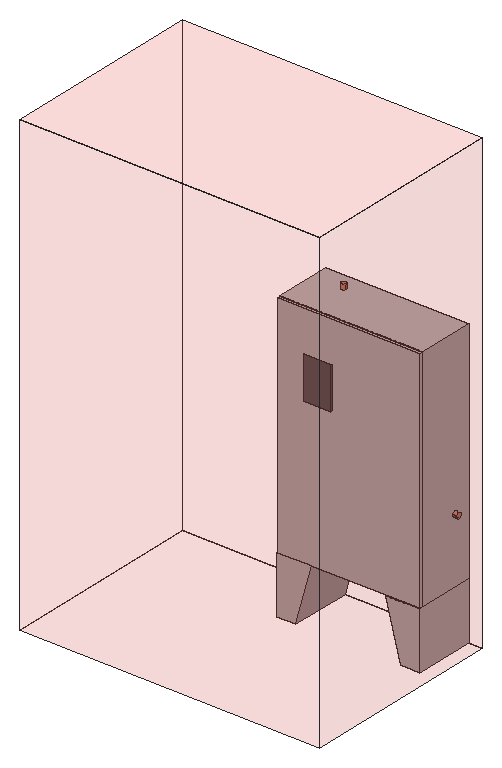
Revit family "Tankless_Water_Heater-Keltech-CNA_Series", category Plumbing Fixtures, Revit 2012
Parameters (values of type "CNA-1083/480D")
  Width = 30.000"
  Wattage = 108000 W
  Warranty Information = "One Year"
  Voltage = 480 V
  Version = "1.0"
  URL = "http://www.bradleycorp.com/keltech"
  Technical Data = "n/a"
  Specifications URL = "http://www.keltech-inc.com/tankless-water-heaters/large-industrial"
  Product Tech Data URL - Spanish = ""
  Product Tech Data URL - French = ""
  Product Tech Data URL - English = "http://www.keltech-inc.com/tankless-water-heaters/large-industrial"
  Power Factor = 0
  Pipe Material = Metal - Bradley Corp - Copper
  Phase = 3
  PTFE Coating TE2 = no
  Outlet Right Inset = 23.500"  # constant formula
  Negative 30 Freeze Protection ENHT30 [instance] = no
  Negative 20 Freeze Protection ENHT [instance] = no
  NEMA 4X N4X [instance] = no
  NEMA 4 N4 [instance] = not(NEMA 4X N4X)  # yes
  Model = "CNA-1083/480D"
  MasterFormat Title = "Instantaneous Electric Domestic Water Heaters"
  MasterFormat Number = "22.45.26"
  Manufacturer = "Keltech Inc. a Subsidiary of Bradley Corp"
  Inlet Top Inset = 34.000"
  Industry Standards = "CSA"
  Hot Water Outlet Radius = Hot Water Outlet Diameter / 2  # 0.500"
  Number of Poles = 1
  Length = 60.000"
  Clearance Space [instance] = yes
  Cabinet Height = 48.000"
  CTRL Width = if(Width < 24.000", 24.000", Width)  # 30.000"
  CTRL Inlet Top Inset = if(Inlet Top Inset > Length, (Length - 0.500"), Inlet Top Inset)  # 34.000"
  Hot Water Outlet Diameter = 1"
  Hot Water Connector Description = "Hot Water"  # constant formula
  Ground Fault GF [instance] = no
  Fuse Disconnect FDS [instance] = no
  Fire Rating = "n/a"
  Explosion Proof EXP2 [instance] = no
  Description = "Three Phase 108 kW, 480V"
  Copyright = "This Model Data is Property of Bradley Corporation"
  Complies to NAFTA = "n/a"
  Cold Water Inlet Radius = Cold Water Inlet / 2  # 0.500"
  Inlet Back Offset = 3.800"
  Housing Material = Metal - Bradley Corp - Grey - Painted
  Electrical Connector Top Inset = 22.000"
  Electrical Connector Right Inset = 3.000"
  Electrical Connector Description = "Power"  # constant formula
  Depth = 12.692"
  Current = 132 A
  Cold Water Inlet = 1"
  Cold Water Connector Description = "Cold Water"  # constant formula
  CTRL Cabinet Height = if(Cabinet Height > (Length - 0.500"), (Length - 0.500"), if(Cabinet Height < 18.000", 18.000", Cabinet Height))  # 48.000"
  CTRL Offset [instance] = 0.000"  # constant formula
  Buy American Act = "To Be Determined"
  Assembly Code = "D2020200"
  Apparent Load = 0 VA
  Actual Heating Water Flow = 0 GPM
  Actual Chilled Water Flow = 0 GPM
  ASME Heat Exchanager HLW [instance] = no
Reference planes (in)
  plane 1 "Center (Front/Back)": y = 0
  plane 2 "Original Bottom": z = 0
  plane 3 "Center (Left/Right)": x = 0
  plane 4 "Left": x = -15
  plane 5 "Right": x = 15
  plane 6 "Back": y = 6.346
  plane 7 "Front": y = -6.346
  plane 8 "Bottom": z = 0
  plane 9 "Top": z = 60
  plane 10 "Bottom of Basse": z = 12
  plane 11 "Right of Top of Left Leg": x = -7.785
  plane 12 "Right of Base of Left Leg": x = -11
  plane 13 "Left of Top of Right Leg": x = 7.785
  plane 14 "Left of Base of Right Leg": x = 11
  plane 15 "Back of Door": y = -5.582
  plane 16 "Outlet Front / Back": y = 2.951
  plane 17 "Outlet Left / Right": x = -8.5
  plane 18 "Inlet Top Bottom": z = 26
  plane 19 "Inlet Front Back": y = 2.546
  plane 20 "Electrical Connector Left Right": x = 12
  plane 21 "Electrical Connector Top Bottom": z = 38
  plane 22 "Clearance Left": x = -45
  plane 23 "Clearance Right": x = 18
  plane 24 "Clearance Front": y = -36.346
  plane 25 "Clearance Top": z = 96
  plane 26 "Top of Control Panel": z = 51.375
  plane 27 "Bottom of Control Panel": z = 42.625
  plane 28 "Right of Control Panel": x = -3.625
  plane 29 "Left of Control Panel": x = -9.375
  plane 30 "Front of Control Panel": y = -6.471
  plane 31 "C.O. Emergency Stop - Horizontal": z = 38.5
  plane 32 "C.O. Emergency Stop - Vertical": x = -6.5
  plane 33 "C.O. Optional Fuse Disconnect - Horizontal": z = 28.25
  plane 34 "C.O. Optional Fuse Disconnect - Vertical": x = 1.125
Forms (in)
  Extrusion 1, solid, material "Metal - Bradley Corp - Grey - Painted", visible <- "NEMA 4 N4"
    sketch origin (0, 0, 0) x (1, 0, 0) y (0, 0, 1)
      loop
        line (-15, 0) -> (-11, 0) -> (-7.785, 12) -> (-15, 12) -> (-15, 0)
      loop
        line (15, 0) -> (15, 12) -> (7.785, 12) -> (11, 0) -> (15, 0)
    from -6.346 to 6.346
  Sweep 2, solid, material "Metal - Bradley Corp - Grey - Painted", visible <- "NEMA 4 N4", detail levels fine
    path origin (0, 0, 0) x (1, 0, 0) y (0, 0, 1)
      loop
        line (0, 59.90554) -> (0, 12.09)
    profile origin (0, 0, 35.99777) x (0, -1, 0) y (1, 0, 0)
      loop
        line (6.346, 14.91) -> (5.582, 14.91) -> (5.582, -14.91) -> (6.346, -14.91) -> (6.346, 14.91)
  Sweep 3, solid, material "Metal - Bradley Corp - Grey - Painted", visible <- "NEMA 4 N4", detail levels fine
    path origin (0, 0, 0) x (1, 0, 0) y (0, 0, 1)
      loop
        line (0, 60) -> (0, 12)
    profile origin (0, 0, 36) x (0, -1, 0) y (1, 0, 0)
      loop
        line (-6.346, 15) -> (-6.346, -15) -> (5.582, -15) -> (5.582, 15) -> (-6.346, 15)
  Extrusion 4, solid, material "Metal - Bradley Corp - Copper" <- "Pipe Material", detail levels fine
    sketch origin (0, 0, 0) x (1, 0, 0) y (0, 1, 0)
      loop
        circle (-8.5, 2.951) r 0.5
    from 60 to 60.93976
  Extrusion 5, solid, material "Metal - Bradley Corp - Copper" <- "Pipe Material", detail levels fine
    sketch origin (0, 0, 0) x (0, 1, 0) y (0, 0, 1)
      loop
        circle (2.546, 26) r 0.5
    from 15 to 16.03054
  Extrusion 6, solid, material "Metal - Bradley Corp - Copper" <- "Pipe Material", not visible
    sketch origin (0, 0, 0) x (1, 0, 0) y (0, 0, 1)
      loop
        circle (12, 38) r 0.5
    from -6.346 to -5.70866
  Sweep 7, solid, material "Metal - Bradley Corp - Stainless Steel-Satin", visible <- "NEMA 4X N4X"
    path origin (0, 0, 0) x (1, 0, 0) y (0, 1, 0)
      loop
        line (0, 6.346) -> (0, -6.346)
    profile origin (0, 0, 0) x (1, 0, 0) y (0, 0, 1)
      loop
        line (7.785, 12) -> (11, 0) -> (15, 0) -> (15, 12) -> (7.785, 12)
      loop
        line (-11, 0) -> (-7.785, 12) -> (-15, 12) -> (-15, 0) -> (-11, 0)
  Sweep 8, solid, material "Metal - Bradley Corp - Stainless Steel-Satin", visible <- "NEMA 4 N4", detail levels coarse+medium
    path origin (0, 0, 0) x (1, 0, 0) y (0, 1, 0)
      loop
        line (0, 6.346) -> (0, -6.346)
    profile origin (0, 0, 0) x (1, 0, 0) y (0, 0, 1)
      loop
        line (15, 60) -> (-15, 60) -> (-15, 12) -> (15, 12) -> (15, 60)
  Sweep 9, solid, material "Metal - Bradley Corp - Stainless Steel-Satin", visible <- "NEMA 4X N4X", detail levels fine
    path origin (0, 0, 0) x (1, 0, 0) y (0, 1, 0)
      loop
        line (0, 6.346) -> (0, -5.582)
    profile origin (0, 0.382, 0) x (1, 0, 0) y (0, 0, 1)
      loop
        line (15, 60) -> (-15, 60) -> (-15, 12) -> (15, 12) -> (15, 60)
  Sweep 10, solid, material "Metal - Bradley Corp - Stainless Steel-Satin", visible <- "NEMA 4X N4X", detail levels fine
    path origin (0, 0, 0) x (0, 1, 0) y (0, 0, 1)
      loop
        line (-5.582, 59.90554) -> (-5.582, 12.09)
    profile origin (0, -5.582, 35.99777) x (1, 0, 0) y (0, 1, 0)
      loop
        line (14.91, 0) -> (-14.91, 0) -> (-14.91, -0.764) -> (14.91, -0.764) -> (14.91, 0)
  Extrusion 11, solid, material "Clearance Space", visible <- "Clearance Space"
    sketch origin (0, 0, 0) x (1, 0, 0) y (0, 1, 0)
      loop
        line (18, 6.346) -> (-45, 6.346) -> (-45, -36.346) -> (18, -36.346) -> (18, 6.346)
    from 0 to 96
  Extrusion 12, solid, material "Plastic - Bradley Corp - Black", detail levels fine
    sketch origin (0, -6.346, 0) x (-1, 0, 0) y (0, 0, -1)
      loop
        line (3.625, -51.375) -> (9.375, -51.375) -> (9.375, -42.625) -> (3.625, -42.625) -> (3.625, -51.375)
    from 0 to 0.125
  Extrusion 13, solid, material "Metal - Bradley Corp - Stainless Steel-Satin", visible <- "NEMA 4X N4X", detail levels coarse+medium
    sketch origin (0, 0, 0) x (1, 0, 0) y (0, 1, 0)
      loop
        line (15, 6.346) -> (-15, 6.346) -> (-15, -6.346) -> (15, -6.346) -> (15, 6.346)
    from 12 to 60
  Extrusion 14, solid, material "Red-Bradley_Corp-Steel", visible <- "Fuse Disconnect FDS"
    sketch origin (0, -6.346, 0) x (-1, 0, 0) y (0, 0, -1)
      loop
        line (-0.375, -23.5) -> (-1.875, -23.5) -> (-1.875, -25.55)
        arc (-1.875, -25.55) -> (-2.02414, -26.7699) -> (-2.46276, -27.91795) r 5.0638
        arc (-2.46276, -27.91795) -> (-1.125, -29.62836) -> (0.21276, -27.91795) r 1.37836
        arc (0.21276, -27.91795) -> (-0.22586, -26.7699) -> (-0.375, -25.55) r 5.0638
        line (-0.375, -25.55) -> (-0.375, -23.5)
    from 0 to 1.25
Lines and regions (in)
  Masking region 1
    outline origin (0, 0, 26) x (-1, 0, 0) y (0, -1, 0)
      loop
        line (-15, -6.346) -> (15, -6.346) -> (15, 6.346) -> (-15, 6.346) -> (-15, -6.346)
  Masking region 2, detail levels fine
    outline origin (0, 0, 60) x (-1, 0, 0) y (0, -1, 0)
      loop
        line (-16.03054, -3.046) -> (-15, -3.046) -> (-15, -2.046) -> (-16.03054, -2.046) -> (-16.03054, -3.046)
  Masking region 3
    outline origin (0, 0, 0) x (1, 0, 0) y (0, 0, 1)
      loop
        line (-15, 60) -> (-15, 0) -> (-11, 0) -> (-7.785, 12) -> (7.785, 12) -> (11, 0) -> (15, 0) -> (15, 60) -> (-15, 60)
  Masking region 4, detail levels fine
    outline origin (0, 0, 0) x (1, 0, 0) y (0, 0, 1)
      loop
        line (-8, 60.93976) -> (-9, 60.93976) -> (-9, 60) -> (-8, 60) -> (-8, 60.93976)
      loop
        line (16.03054, 26.5) -> (15, 26.5) -> (15, 25.5) -> (16.03054, 25.5) -> (16.03054, 26.5)
  Masking region 5
    outline origin (0, 0, 0) x (0, 1, 0) y (0, 0, 1)
      loop
        line (6.346, 60) -> (-6.346, 60) -> (-6.346, 0) -> (6.346, 0) -> (6.346, 60)
  Masking region 6, detail levels fine
    outline origin (0, 0, 0) x (0, 1, 0) y (0, 0, 1)
      loop
        line (3.046, 60.93976) -> (2.046, 60.93976) -> (2.046, 60) -> (3.046, 60) -> (3.046, 60.93976)
  Masking region 7, detail levels medium+fine
    outline origin (0, -6.346, 0) x (-1, 0, 0) y (0, 0, 1)
      loop
        circle (6.5, 38.5) r 1.75
  Masking region 8, visible <- "Fuse Disconnect FDS", detail levels medium+fine
    outline origin (0, -6.346, 0) x (-1, 0, 0) y (0, 0, 1)
      loop
        line (-1.875, 23.5) -> (-0.375, 23.5) -> (-0.375, 25.55)
        arc (-0.375, 25.55) -> (-0.22586, 26.7699) -> (0.21276, 27.91795) r 5.0638
        arc (0.21276, 27.91795) -> (-1.125, 29.62836) -> (-2.46276, 27.91795) r 1.37836
        arc (-2.46276, 27.91795) -> (-2.02414, 26.7699) -> (-1.875, 25.55) r 5.0638
        line (-1.875, 25.55) -> (-1.875, 23.5)
  symbolic lines, style "Water Heater", detail levels fine
    curve 1: circle (-8.5, 2.546, 60) r 0.5 normal (0, 0, 1)
    curve 2: line (-14.91, -6.346, 60) -> (-14.91, -5.582, 60)
    curve 3: line (-14.91, -5.582, 60) -> (14.91, -5.582, 60)
    curve 4: line (14.91, -5.582, 60) -> (14.91, -6.346, 60)
    curve 5: line (14.91, -6.346, 59.90554) -> (-14.91, -6.346, 59.90554)
    curve 6: line (14.91, -6.346, 12.09) -> (14.91, -6.346, 59.90554)
    curve 7: line (-14.91, -6.346, 12.09) -> (14.91, -6.346, 12.09)
    curve 8: line (-14.91, -6.346, 59.90554) -> (-14.91, -6.346, 12.09)
    curve 9: line (-3.625, -6.346, 51.375) -> (-9.375, -6.346, 51.375)
    curve 10: line (-3.625, -6.346, 42.625) -> (-3.625, -6.346, 51.375)
    curve 11: line (-9.375, -6.346, 42.625) -> (-3.625, -6.346, 42.625)
    curve 12: line (-9.375, -6.346, 51.375) -> (-9.375, -6.346, 42.625)
    curve 13: circle (15, 2.546, 26) r 0.5 normal (1, 0, 0)
    curve 14: line (15, -5.582, 12) -> (15, 6.346, 12)
    curve 15: line (15, -5.582, 59.90554) -> (15, -5.582, 12)
    curve 16: line (15, -6.346, 12.09) -> (15, -5.582, 12.09)
    curve 17: line (15, -6.346, 59.90554) -> (15, -5.582, 59.90554)
  symbolic lines, style "Clearance Space", visible <- "Clearance Space"
    curve 18: line (18, 6.346, 0) -> (-45, 6.346, 0)
    curve 19: line (18, -36.346, 0) -> (18, 6.346, 0)
    curve 20: line (-45, -36.346, 0) -> (18, -36.346, 0)
    curve 21: line (-45, 6.346, 0) -> (-45, -36.346, 0)
    curve 22: line (18, -6.346, 96) -> (-45, -6.346, 96)
    curve 23: line (18, -6.346, 0) -> (18, -6.346, 96)
    curve 24: line (-45, -6.346, 0) -> (18, -6.346, 0)
    curve 25: line (-45, -6.346, 96) -> (-45, -6.346, 0)
    curve 26: line (0, 6.346, 96) -> (0, -36.346, 96)
    curve 27: line (0, 6.346, 0) -> (0, 6.346, 96)
    curve 28: line (0, -36.346, 0) -> (0, 6.346, 0)
    curve 29: line (0, -36.346, 96) -> (0, -36.346, 0)
  reference lines
    curve 30: line (-15, -5.582, 0) -> (-44.9786, -6.71502, 0)
  symbolic lines, style "Water Heater"
    curve 31: line (-15, -5.582, 0) -> (-44.9786, -6.71502, 0)
    curve 32: arc (-44.9786, -6.71502, 0) -> (-14.43339, -35.57665, 0) -> (15, -5.582, 0) r 30
    curve 33: line (-15, -5.582, 0) -> (15, -5.582, 0)
  model lines, style "Water Heater", detail levels coarse+medium
    curve 34: line (-8.5, 2.951, 60.93976) -> (-8.5, 2.951, 60)
    curve 35: line (15, 2.546, 26) -> (16.03054, 2.546, 26)
  model lines
    curve 36: circle (-6.5, -6.346, 38.5) r 1.75 normal (0, -1, 0)
  model lines, detail levels medium+fine
    curve 37: circle (1.125, -6.346, 28.25) r 1.5 normal (0, -1, 0)
  symbolic lines, detail levels medium+fine
    curve 38: circle (1.125, -6.346, 28.25) r 1.5 normal (0, -1, 0)
Dimensions and locks (in)
  "CTRL Offset": plane 8 "Bottom" to plane 2 "Original Bottom"
  "Length": plane 9 "Top" to plane 8 "Bottom"
  "CTRL Cabinet Height": plane 9 "Top" to plane 10 "Bottom of Basse"
  locked: plane 11 "Right of Top of Left Leg" to plane 4 "Left" at 7.215
  locked: plane 12 "Right of Base of Left Leg" to plane 4 "Left" at 4
  equal spacing: plane 6 "Back", plane 1 "Center (Front/Back)", plane 7 "Front"
  equal spacing: plane 4 "Left", plane 3 "Center (Left/Right)", plane 5 "Right"
  "CTRL Width": plane 4 "Left" to plane 5 "Right"
  "Depth": plane 6 "Back" to plane 7 "Front"
  locked: plane 14 "Left of Base of Right Leg" to plane 5 "Right" at 4
  locked: plane 13 "Left of Top of Right Leg" to plane 5 "Right" at 7.215
  locked: plane 7 "Front" to plane 15 "Back of Door" at 0.764
  locked: plane 4 "Left" to Sweep 2 sketch curve at 0.09
  locked: Sweep 2 sketch curve to plane 5 "Right" at 0.09
  locked: Sweep 2 sketch curve to plane 10 "Bottom of Basse" at 0.09
  locked: plane 9 "Top" to Sweep 2 sketch curve at 0.09446
  locked: plane 6 "Back" to plane 16 "Outlet Front / Back" at 3.395
  "Outlet Right Inset": plane 17 "Outlet Left / Right" to plane 5 "Right"
  locked: Extrusion 4 to plane 9 "Top" at 0.93976
  "CTRL Inlet Top Inset": plane 9 "Top" to plane 18 "Inlet Top Bottom"
  "Inlet Back Offset": plane 6 "Back" to plane 19 "Inlet Front Back"
  locked: plane 5 "Right" to Extrusion 5 at 1.03054  (x2)
  "Electrical Connector Right Inset": plane 20 "Electrical Connector Left Right" to plane 5 "Right"
  "Electrical Connector Top Inset": plane 9 "Top" to plane 21 "Electrical Connector Top Bottom"
  locked: Extrusion 6 to plane 6 "Back" at 0.63734
  locked: plane 9 "Top" to Sweep 10 sketch curve at 0.09446
  locked: Sweep 10 sketch curve to plane 10 "Bottom of Basse" at 0.09
  locked: Sweep 10 sketch curve to plane 5 "Right" at 0.09
  locked: plane 4 "Left" to Sweep 10 sketch curve at 0.09
  locked: plane 5 "Right" to Masking region 2 sketch curve at 1.03054
  equal spacing: Masking region 2 sketch curve, plane 19 "Inlet Front Back", Masking region 2 sketch curve
  "Cold Water Inlet Radius": Masking region 2 sketch curve to plane 19 "Inlet Front Back"
  locked: Sweep 10 to plane 5 "Right" at 0.09
  locked: plane 4 "Left" to Sweep 10 at 0.09  (x2)
  locked: Masking region 4 sketch curve to plane 9 "Top" at 0.93976
  locked: Masking region 4 sketch curve to plane 5 "Right" at 1.03054
  equal spacing: Masking region 4 sketch curve, plane 18 "Inlet Top Bottom", Masking region 4 sketch curve
  equal spacing: Masking region 4 sketch curve, plane 17 "Outlet Left / Right", Masking region 4 sketch curve
  "Hot Water Outlet Radius": plane 17 "Outlet Left / Right" to Masking region 4 sketch curve
  "Cold Water Inlet Radius": plane 18 "Inlet Top Bottom" to Masking region 4 sketch curve
  locked: plane 9 "Top" to Sweep 10 at 0.09446
  locked: plane 5 "Right" to Sweep 10 at 0.09
  locked: Sweep 10 to plane 10 "Bottom of Basse" at 0.09
  locked: Masking region 6 sketch curve to plane 9 "Top" at 0.93976
  equal spacing: Masking region 6 sketch curve, plane 19 "Inlet Front Back", Masking region 6 sketch curve
  "Hot Water Outlet Radius": plane 19 "Inlet Front Back" to Masking region 6 sketch curve
  locked: Sweep 10 to plane 9 "Top" at 0.09446
  locked: plane 10 "Bottom of Basse" to Sweep 10 at 0.09
  "CTRL Width": plane 24 "Clearance Front" to plane 7 "Front"
  "CTRL Width": plane 22 "Clearance Left" to plane 4 "Left"
  locked: plane 5 "Right" to plane 23 "Clearance Right" at 3
  curve 22 to plane 9 "Top" = 36.000"
  "CTRL Width": curve 30 to curve 30
  "CTRL Width": curve 31 to curve 31
  locked: plane 26 "Top of Control Panel" to plane 27 "Bottom of Control Panel" at 8.75
  locked: plane 9 "Top" to plane 26 "Top of Control Panel" at 8.625
  locked: plane 30 "Front of Control Panel" to plane 7 "Front" at 0.125
  locked: plane 28 "Right of Control Panel" to plane 29 "Left of Control Panel" at 5.75
  locked: plane 29 "Left of Control Panel" to plane 4 "Left" at 5.625
  locked: plane 9 "Top" to plane 31 "C.O. Emergency Stop - Horizontal" at 21.5
  locked: plane 34 "C.O. Optional Fuse Disconnect - Vertical" to plane 28 "Right of Control Panel" at 4.75
  locked: plane 27 "Bottom of Control Panel" to plane 33 "C.O. Optional Fuse Disconnect - Horizontal" at 14.375
  "Cold Water Inlet Radius": radius of Extrusion 5 sketch curve
  "Hot Water Outlet Radius": radius of Extrusion 4 sketch curve
  "Hot Water Outlet Radius": radius of curve 1
  "Cold Water Inlet Radius": radius of curve 13
  "CTRL Width": radius of curve 32
  aligned and locked: level to plane 2 "Original Bottom"
  aligned and locked: Extrusion 1 sketch curve to plane 4 "Left"
  aligned and locked: plane 10 "Bottom of Basse" to Extrusion 1 sketch curve
  aligned and locked: plane 11 "Right of Top of Left Leg" to Extrusion 1 sketch curve
  aligned and locked: plane 12 "Right of Base of Left Leg" to Extrusion 1 sketch curve
  aligned and locked: plane 8 "Bottom" to Extrusion 1 sketch curve  (x3)
  aligned and locked: Extrusion 1 sketch curve to plane 8 "Bottom"
  aligned and locked: plane 14 "Left of Base of Right Leg" to Extrusion 1 sketch curve
  aligned and locked: plane 13 "Left of Top of Right Leg" to Extrusion 1 sketch curve
  aligned and locked: Extrusion 1 sketch curve to plane 10 "Bottom of Basse"
  aligned and locked: plane 5 "Right" to Extrusion 1 sketch curve
  aligned and locked: plane 6 "Back" to Extrusion 1
  aligned and locked: plane 7 "Front" to Extrusion 1
  aligned and locked: Sweep 2 sketch curve to plane 3 "Center (Left/Right)"
  aligned and locked: plane 15 "Back of Door" to Sweep 2 sketch curve
  aligned and locked: Sweep 2 sketch curve to plane 7 "Front"
  aligned and locked: plane 10 "Bottom of Basse" to Sweep 3 sketch curve
  aligned and locked: plane 9 "Top" to Sweep 3 sketch curve
  aligned and locked: Sweep 3 sketch curve to plane 3 "Center (Left/Right)"
  aligned and locked: plane 15 "Back of Door" to Sweep 3 sketch curve
  aligned and locked: Sweep 3 sketch curve to plane 5 "Right"
  aligned and locked: Sweep 3 sketch curve to plane 4 "Left"
  aligned and locked: plane 6 "Back" to Sweep 3 sketch curve
  aligned and locked: plane 17 "Outlet Left / Right" to Extrusion 4 sketch curve
  aligned and locked: plane 16 "Outlet Front / Back" to Extrusion 4 sketch curve
  aligned and locked: Extrusion 4 to plane 9 "Top"
  aligned and locked: plane 19 "Inlet Front Back" to Extrusion 5 sketch curve
  aligned and locked: plane 18 "Inlet Top Bottom" to Extrusion 5 sketch curve
  aligned and locked: plane 5 "Right" to Extrusion 5
  aligned and locked: plane 20 "Electrical Connector Left Right" to Extrusion 6 sketch curve
  aligned and locked: plane 21 "Electrical Connector Top Bottom" to Extrusion 6 sketch curve
  aligned and locked: plane 6 "Back" to Extrusion 6
  aligned and locked: plane 6 "Back" to Sweep 7 sketch curve
  aligned and locked: plane 7 "Front" to Sweep 7 sketch curve
  aligned and locked: Sweep 7 sketch curve to plane 3 "Center (Left/Right)"
  aligned and locked: plane 8 "Bottom" to Sweep 7 sketch curve
  aligned and locked: plane 12 "Right of Base of Left Leg" to Sweep 7 sketch curve
  aligned and locked: plane 11 "Right of Top of Left Leg" to Sweep 7 sketch curve
  aligned and locked: plane 10 "Bottom of Basse" to Sweep 7 sketch curve  (x3)
  aligned and locked: Sweep 7 sketch curve to plane 4 "Left"
  aligned and locked: Sweep 7 sketch curve to plane 8 "Bottom"  (x2)
  aligned and locked: Sweep 7 sketch curve to plane 5 "Right"
  aligned and locked: plane 6 "Back" to Sweep 8 sketch curve
  aligned and locked: plane 7 "Front" to Sweep 8 sketch curve
  aligned and locked: Sweep 8 sketch curve to plane 3 "Center (Left/Right)"
  aligned and locked: Sweep 8 sketch curve to plane 10 "Bottom of Basse"
  aligned and locked: plane 9 "Top" to Sweep 8 sketch curve
  aligned and locked: Sweep 8 sketch curve to plane 5 "Right"
  aligned and locked: Sweep 8 sketch curve to plane 4 "Left"
  aligned and locked: plane 15 "Back of Door" to Sweep 9 sketch curve
  aligned and locked: plane 6 "Back" to Sweep 9 sketch curve
  aligned and locked: Sweep 9 sketch curve to plane 3 "Center (Left/Right)"
  aligned and locked: Sweep 9 sketch curve to plane 10 "Bottom of Basse"
  aligned and locked: Sweep 9 sketch curve to plane 5 "Right"
  aligned and locked: plane 9 "Top" to Sweep 9 sketch curve
  aligned and locked: Sweep 9 sketch curve to plane 4 "Left"
  aligned and locked: plane 15 "Back of Door" to Sweep 10 sketch curve
  aligned and locked: plane 7 "Front" to Sweep 10 sketch curve
  aligned and locked: Sweep 10 sketch curve to plane 15 "Back of Door"
  aligned and locked: plane 6 "Back" to Masking region 1 sketch curve
  aligned and locked: Masking region 1 sketch curve to plane 5 "Right"
  aligned and locked: plane 7 "Front" to Masking region 1 sketch curve
  aligned and locked: Masking region 1 sketch curve to plane 4 "Left"
  aligned and locked: plane 5 "Right" to Masking region 2 sketch curve
  aligned and locked: plane 19 "Inlet Front Back" to curve 1
  aligned and locked: plane 17 "Outlet Left / Right" to curve 1
  aligned and locked: plane 7 "Front" to curve 4
  aligned and locked: plane 7 "Front" to curve 2
  aligned and locked: plane 15 "Back of Door" to curve 3
  aligned and locked: plane 8 "Bottom" to Masking region 3 sketch curve
  aligned and locked: plane 10 "Bottom of Basse" to Masking region 3 sketch curve
  aligned and locked: plane 13 "Left of Top of Right Leg" to Masking region 3 sketch curve
  aligned and locked: plane 14 "Left of Base of Right Leg" to Masking region 3 sketch curve
  aligned and locked: plane 12 "Right of Base of Left Leg" to Masking region 3 sketch curve
  aligned and locked: plane 11 "Right of Top of Left Leg" to Masking region 3 sketch curve
  aligned and locked: Masking region 3 sketch curve to plane 8 "Bottom"
  aligned and locked: Masking region 3 sketch curve to plane 5 "Right"
  aligned and locked: Masking region 3 sketch curve to plane 10 "Bottom of Basse"
  aligned and locked: Masking region 3 sketch curve to plane 4 "Left"
  aligned and locked: plane 9 "Top" to Masking region 3 sketch curve
  aligned and locked: plane 5 "Right" to Masking region 4 sketch curve
  aligned and locked: Masking region 4 sketch curve to plane 9 "Top"
  aligned and locked: Masking region 5 sketch curve to plane 8 "Bottom"
  aligned and locked: Masking region 5 sketch curve to plane 9 "Top"
  aligned and locked: plane 6 "Back" to Masking region 5 sketch curve
  aligned and locked: plane 7 "Front" to Masking region 5 sketch curve
  aligned and locked: Masking region 6 sketch curve to plane 9 "Top"
  aligned and locked: plane 19 "Inlet Front Back" to curve 13
  aligned and locked: plane 18 "Inlet Top Bottom" to curve 13
  aligned and locked: plane 15 "Back of Door" to Sweep 9
  aligned and locked: Sweep 9 to plane 10 "Bottom of Basse"
  aligned and locked: plane 6 "Back" to Extrusion 11 sketch curve
  aligned and locked: Extrusion 11 sketch curve to plane 22 "Clearance Left"
  aligned and locked: plane 24 "Clearance Front" to Extrusion 11 sketch curve
  aligned and locked: Extrusion 11 sketch curve to plane 23 "Clearance Right"
  aligned and locked: plane 6 "Back" to curve 18
  aligned and locked: curve 19 to plane 23 "Clearance Right"
  aligned and locked: plane 24 "Clearance Front" to curve 20
  aligned and locked: curve 21 to plane 22 "Clearance Left"
  aligned and locked: plane 25 "Clearance Top" to Extrusion 11
  aligned and locked: Extrusion 11 to plane 8 "Bottom"
  aligned and locked: curve 23 to plane 23 "Clearance Right"
  aligned and locked: curve 24 to plane 8 "Bottom"
  aligned and locked: curve 25 to plane 22 "Clearance Left"
  aligned and locked: Extrusion 11 to plane 22 "Clearance Left"
  aligned and locked: curve 28 to plane 8 "Bottom"
  aligned and locked: plane 6 "Back" to curve 27
  aligned and locked: curve 26 to plane 25 "Clearance Top"
  aligned and locked: plane 24 "Clearance Front" to curve 29
  aligned and locked: plane 4 "Left" to curve 30
  aligned and locked: plane 15 "Back of Door" to curve 30
  aligned and locked: curve 31 to curve 30
  aligned and locked: plane 15 "Back of Door" to curve 32
  aligned and locked: plane 4 "Left" to curve 32
  aligned and locked: plane 26 "Top of Control Panel" to curve 9
  aligned and locked: curve 11 to plane 27 "Bottom of Control Panel"
  aligned and locked: curve 12 to plane 29 "Left of Control Panel"
  aligned and locked: plane 28 "Right of Control Panel" to curve 10
  aligned and locked: plane 28 "Right of Control Panel" to Extrusion 12 sketch curve
  aligned and locked: Extrusion 12 sketch curve to plane 27 "Bottom of Control Panel"
  aligned and locked: Extrusion 12 sketch curve to plane 29 "Left of Control Panel"
  aligned and locked: plane 26 "Top of Control Panel" to Extrusion 12 sketch curve
  aligned and locked: Extrusion 12 to plane 7 "Front"
  aligned and locked: plane 30 "Front of Control Panel" to Extrusion 12
  aligned and locked: plane 5 "Right" to curve 35
  aligned and locked: Extrusion 5 to curve 35
  aligned and locked: curve 35 to plane 18 "Inlet Top Bottom"
  aligned and locked: plane 9 "Top" to curve 34
  aligned and locked: curve 34 to plane 17 "Outlet Left / Right"
  aligned and locked: Extrusion 4 to curve 34
  aligned and locked: plane 7 "Front" to Extrusion 13 sketch curve
  aligned and locked: Extrusion 13 sketch curve to plane 5 "Right"
  aligned and locked: plane 6 "Back" to Extrusion 13 sketch curve
  aligned and locked: Extrusion 13 sketch curve to plane 4 "Left"
  aligned: plane 25 "Clearance Top" to Extrusion 13
  aligned and locked: Extrusion 13 to plane 10 "Bottom of Basse"
  aligned and locked: plane 9 "Top" to Extrusion 13
  aligned and locked: plane 13 "Left of Top of Right Leg" to Sweep 7 sketch curve
  aligned and locked: plane 14 "Left of Base of Right Leg" to Sweep 7 sketch curve
  aligned and locked: Masking region 7 sketch curve to plane 31 "C.O. Emergency Stop - Horizontal"
  aligned and locked: Masking region 7 sketch curve to plane 32 "C.O. Emergency Stop - Vertical"
  aligned and locked: Masking region 8 sketch curve to plane 33 "C.O. Optional Fuse Disconnect - Horizontal"
  aligned and locked: Masking region 8 sketch curve to plane 34 "C.O. Optional Fuse Disconnect - Vertical"
  aligned and locked: plane 33 "C.O. Optional Fuse Disconnect - Horizontal" to Extrusion 14 sketch curve
  aligned and locked: plane 34 "C.O. Optional Fuse Disconnect - Vertical" to Extrusion 14 sketch curve
Automatic sketch dimensions
  plane 5 "Right" to curve 4 = 0.090"
  plane 4 "Left" to curve 3 = 0.090"
  curve 17 to plane 7 "Front" = 0.000"
  curve 16 to plane 7 "Front" = 0.000"
  curve 15 to plane 15 "Back of Door" = 0.000"
  curve 16 to plane 15 "Back of Door" = 0.000"
  curve 14 to plane 6 "Back" = 0.000"
  curve 15 to plane 10 "Bottom of Basse" = 0.000"
  curve 16 to plane 10 "Bottom of Basse" = 0.090"
  plane 9 "Top" to curve 17 = 0.09446"
  plane 7 "Front" to curve 30 = 0.36902"
  plane 20 "Electrical Connector Left Right" to Masking region 8 sketch curve = 5.0612"
  Masking region 8 sketch curve to Masking region 8 sketch curve = 1.33776"  (x2)
  Masking region 8 sketch curve to Masking region 8 sketch curve = 1.500"
  Masking region 8 sketch curve to plane 3 "Center (Left/Right)" = 4.6888"
  Masking region 8 sketch curve to plane 33 "C.O. Optional Fuse Disconnect - Horizontal" = 4.750"
  Masking region 8 sketch curve to Masking region 8 sketch curve = 2.050"
  Masking region 8 sketch curve to Masking region 8 sketch curve = 0.33205"
  curve 37 to curve 38 = 0.000"  (x2)
  curve 37 to plane 33 "C.O. Optional Fuse Disconnect - Horizontal" = 0.000"
  curve 37 to plane 34 "C.O. Optional Fuse Disconnect - Vertical" = 0.000"
  curve 36 to plane 31 "C.O. Emergency Stop - Horizontal" = 0.000"
  curve 36 to plane 32 "C.O. Emergency Stop - Vertical" = 0.000"
  curve 7 to plane 5 "Right" = 0.090"
  curve 8 to plane 4 "Left" = 0.090"
  curve 7 to plane 10 "Bottom of Basse" = 0.090"
  plane 9 "Top" to curve 5 = 0.09446"
  Extrusion 14 sketch curve to plane 14 "Left of Base of Right Leg" = 4.0612"
  plane 18 "Inlet Top Bottom" to Extrusion 14 sketch curve = 2.500"
  Extrusion 14 sketch curve to Extrusion 14 sketch curve = 1.33776"  (x2)
  plane 33 "C.O. Optional Fuse Disconnect - Horizontal" to Extrusion 14 sketch curve = 2.700"
  Extrusion 14 sketch curve to Extrusion 14 sketch curve = 1.500"
  plane 3 "Center (Left/Right)" to Extrusion 14 sketch curve = 4.6888"
  Extrusion 14 sketch curve to Extrusion 14 sketch curve = 0.33205"
  radius of Extrusion 6 sketch curve = 0.500"
  radius of Masking region 7 sketch curve = 1.750"
  radius of curve 36 = 1.750"
  radius of curve 37 = 1.500"
  radius of curve 38 = 1.500"
Connectors (in)
  electrical at (12, 6.346, 38), driven by "Number of Poles", driven by "Voltage", driven by "Apparent Load", driven by "Power Factor", driven by "Electrical Connector Description"
    settings: on Extrusion 6, index 1, voltage 480 V, apparent load 0 VA, apparent load phase1 0 VA, apparent load phase2 0 VA, apparent load phase3 0 VA, power factor 0, load classification "Other", number of poles 1, system type 30, power factor state 1, is connector primary yes, connector utility no, sub classification motor no, connector description "Power"
  piping at (-8.5, 2.951, 60.93976), driven by "Actual Heating Water Flow", driven by "Hot Water Outlet Radius", driven by "Hot Water Connector Description"
    settings: on Extrusion 4, index 2, connector radius 1/2", flow factor 0, pipe flow 0 GPM, pressure drop 0.00 psi, fitting loss kfactor 0, connector angle 0.00°, fixture units 0, engagement length 0.000", flow configuration 0, flow direction 2, fitting loss method 0, system type 19, joint type 0, gender type 0, connector reference index -1, connector utility 0, adjustable connector no, is connector primary yes, fitting loss table "", connector description "Hot Water"
  piping at (16.03054, 2.546, 26), driven by "Actual Heating Water Flow", driven by "Cold Water Inlet Radius", driven by "Cold Water Connector Description"
    settings: on Extrusion 5, index 3, connector radius 1/2", flow factor 0, pipe flow 0 GPM, pressure drop 0.00 psi, fitting loss kfactor 0, connector angle 0.00°, fixture units 0, engagement length 0.000", flow configuration 0, flow direction 1, fitting loss method 0, system type 20, joint type 0, gender type 0, connector reference index -1, connector utility 0, adjustable connector no, is connector primary no, fitting loss table "", connector description "Cold Water"
Types in the file's own list only (13): name | Width | Wattage | Voltage | Outlet Right Inset | Model | Inlet Top Inset | Hot Water Outlet Radius | Length | Cabinet Height | CTRL Width | CTRL Inlet Top Inset | Description | Cold Water Inlet Radius | Inlet Back Offset | Electrical Connector Top Inset | Electrical Connector Right Inset | Depth | Current | CTRL Cabinet Height
  CNA-363/480D | 30.000 " | 36000 W | 480 V | 23.500 " | "CNA-363/480D" | 31.500 " | 0.500 " | 60.000 " | 48.000 " | 30.000 " | 31.500 " | "Three Phase 36 kW, 480V" | 0.500 " | 3.750 " | 22.000 " | 3.000 " | 12.692 " | 43 A | 48.000 "
  CNA-363/600D | 30.000 " | 36000 W | 600 V | 23.500 " | "CNA-363/600D" | 31.500 " | 0.500 " | 60.000 " | 48.000 " | 30.000 " | 31.500 " | "Three Phase 36 kW, 600V" | 0.500 " | 3.750 " | 22.000 " | 3.000 " | 12.692 " | 35 A | 48.000 "
  CNA-543/480D | 30.000 " | 54000 W | 480 V | 23.500 " | "CNA-543/480D" | 31.500 " | 0.500 " | 60.000 " | 48.000 " | 30.000 " | 31.500 " | "Three Phase 54 kW, 480V" | 0.500 " | 3.750 " | 22.000 " | 3.000 " | 12.692 " | 65 A | 48.000 "
  CNA-543/600D | 30.000 " | 54000 W | 600 V | 23.500 " | "CNA-543/600D" | 31.500 " | 0.500 " | 60.000 " | 48.000 " | 30.000 " | 31.500 " | "Three Phase 54 kW, 600V" | 0.500 " | 3.750 " | 22.000 " | 3.000 " | 12.692 " | 52 A | 48.000 "
  CNA-633/480D | 30.000 " | 63000 W | 480 V | 23.500 " | "CNA-633/480D" | 31.500 " | 0.500 " | 72.000 " | 60.000 " | 30.000 " | 31.500 " | "Three Phase 63 kW, 480V" | 0.500 " | 3.750 " | 22.000 " | 3.000 " | 12.692 " | 76 A | 60.000 "
  CNA-633/600D | 30.000 " | 63000 W | 600 V | 23.500 " | "CNA-633/600D" | 31.500 " | 0.500 " | 72.000 " | 60.000 " | 30.000 " | 31.500 " | "Three Phase 63 kW, 600V" | 0.500 " | 3.750 " | 22.000 " | 3.000 " | 12.692 " | 61 A | 60.000 "
  CNA-723/480D | 30.000 " | 72000 W | 480 V | 23.500 " | "CNA-723/480D" | 31.500 " | 0.500 " | 60.000 " | 48.000 " | 30.000 " | 31.500 " | "Three Phase 72 kW, 480V" | 0.500 " | 3.750 " | 22.000 " | 3.000 " | 12.692 " | 87 A | 48.000 "
  CNA-723/600D | 30.000 " | 72000 W | 600 V | 23.500 " | "CNA-723/600D" | 31.500 " | 0.500 " | 60.000 " | 48.000 " | 30.000 " | 31.500 " | "Three Phase 72 kW, 600V" | 0.500 " | 3.750 " | 22.000 " | 3.000 " | 12.692 " | 69 A | 48.000 "
  CNA-1083/600D | 30.000 " | 108000 W | 600 V | 23.500 " | "CNA-1083/600D" | 31.500 " | 0.500 " | 60.000 " | 48.000 " | 30.000 " | 31.500 " | "Three Phase 108 kW, 600V" | 0.500 " | 3.750 " | 22.000 " | 3.000 " | 12.692 " | 104 A | 48.000 "
  CNA-1263/480D | 30.000 " | 126000 W | 480 V | 23.500 " | "CNA-1263/480D" | 31.500 " | 0.500 " | 72.000 " | 60.000 " | 30.000 " | 31.500 " | "Three Phase 126 kW, 480V" | 0.500 " | 3.750 " | 22.000 " | 3.000 " | 12.692 " | 152 A | 60.000 "
  CNA-1263/600D | 30.000 " | 126000 W | 600 V | 23.500 " | "CNA-1263/600D" | 31.500 " | 0.500 " | 72.000 " | 60.000 " | 30.000 " | 31.500 " | "Three Phase 126 kW, 600V" | 0.500 " | 3.750 " | 22.000 " | 3.000 " | 12.692 " | 121 A | 60.000 "
  CNA-1443/480D | 30.000 " | 144000 W | 480 V | 23.500 " | "CNA-1443/480D" | 31.500 " | 0.500 " | 72.000 " | 60.000 " | 30.000 " | 31.500 " | "Three Phase 144 kW, 480V" | 0.500 " | 3.750 " | 22.000 " | 3.000 " | 12.692 " | 174 A | 60.000 "
  CNA-1443/600D | 30.000 " | 144000 W | 600 V | 23.500 " | "CNA-1443/600D" | 31.500 " | 0.500 " | 72.000 " | 60.000 " | 30.000 " | 31.500 " | "Three Phase 144 kW, 600V" | 0.500 " | 3.750 " | 22.000 " | 3.000 " | 12.692 " | 139 A | 60.000 "
